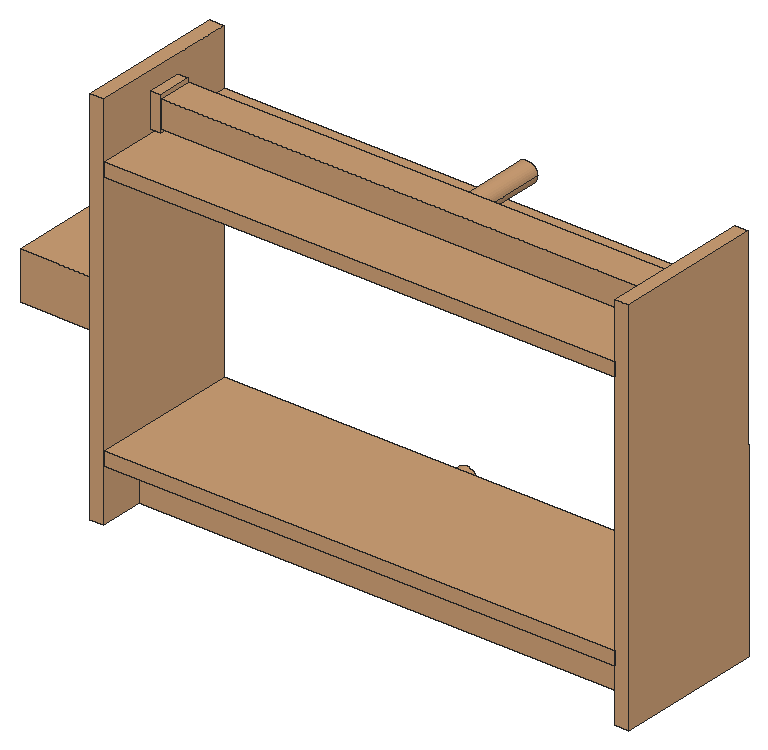
Revit family
Parameters
  Center Of Unit = 0' - 0"  # constant formula
  Water Pressure Drop [instance] = 0.00 psi
  Water Flow [instance] = 0 GPM
  Unit Weight (lbs) = 632
  URL = "http://www.ljwing.com/"
  Water Outlet Radius = 0' - 1 1/2"
  Water Outlet Odd sizes = 0' - 5 23/64"
  Total Heating Capacity [instance] = 0.0 Btu/h
  Temperature Rise [instance] = 0 °F
  Series = "VIFB"
  Outlet Area = 18.80 SF
  Number of Rows = 1  # constant formula
  Number of Coils [instance] = 0
  Nominal Length = 6' - 7 1/16"
  Model = "VB-7"
  Manufacturer = "LJ Wing"
  Leaving Water Temperature [instance] = 0 °F
  Leaving Air Temperature [instance] = 0 °F
  Face Velocity (FPM) [instance] = 0
  Entering Water Temperature [instance] = 0 °F
  Entering Air Temperature [instance] = 0 °F
  Description = "Vertical Integral Face & Bypass Water Heating Coils"
  Hot Water Odd Sizes = 0' - 5 23/64"
  Hot Water Inlet Offset = 0' - 4 3/8"  # constant formula
  Hot Water Inlet  Radius = 0' - 1 1/2"
  Coil Face Area = Outlet Area * 0.56  # 10.528 SF
  Casing Material = ""
  Assembly Code = "D3020300"
  Air Pressure Drop [instance] = 0.00 in-wg
  Air Inlet Width = Nominal Length - 0' 4"  # 6' - 3 1/16"
  Air Inlet Height = Y  # 3' - 0"
  Air Flow [instance] = 0 CFM
  Z = 0' - 2 1/8"
  Y = 3' - 0"
  S = 0' - 9 3/4"
  Product URL = "http://www.ljwing.com/html/vifb.asp"
  OmniClass = "23-75 70 21 14"
  Nominal Height = 4' - 8"
  Nominal Depth = 1' - 10"
  R = 0' - 10 1/4"
  Q = 0' - 3 17/32"
  P = 0' - 5 1/8"
  L = 0' - 5 15/16"
Reference planes (in)
  plane 1 "Center (Front/Back)": y = 0
  plane 2: z = -18
  plane 3 "Center (Left/Right)": x = 0
  plane 4: z = 28.25
  plane 5: x = -39.53125
  plane 6: x = 39.53125
  plane 7: z = -27.75
  plane 8: z = 0
  plane 9: y = -11
  plane 10: y = 11
  plane 11: z = 18
  plane 12: z = 20
  plane 13: z = -20
  plane 14: x = 37.53125
  plane 15: x = -37.53125
  plane 16: z = 23.125
  plane 17: z = -21.8125
  plane 18: x = -36
  plane 19: x = 36
  plane 20: y = 13.125
  plane 21: y = 15.375
  plane 22: x = -50.53125
  plane 23: x = 5.35938
  plane 24: x = -5.35937
  plane 25: z = 25.125
  plane 26: z = 21.125
  plane 27: y = -2.5
  plane 28: y = 2.5
  plane 29: y = -4.5
Forms (in)
  Extrusion 1, solid, material "Painted Finish"
    sketch origin (0, 6, -9.75) x (1, 0, 0) y (0, 0, 1)
      loop
        line (-39.53125, -18) -> (-37.53125, -18) -> (-37.53125, 38) -> (-39.53125, 38) -> (-39.53125, -18)
      loop
        line (39.53125, -18) -> (39.53125, 38) -> (37.53125, 38) -> (37.53125, -18) -> (39.53125, -18)
    from -5 to 17
  Extrusion 2, solid, material "Painted Finish"
    sketch origin (0, 6, 0) x (1, 0, 0) y (0, 0, 1)
      loop
        line (37.53125, -18) -> (-37.53125, -18) -> (-37.53125, -20) -> (37.53125, -20) -> (37.53125, -18)
      loop
        line (37.53125, 18) -> (37.53125, 20) -> (-37.53125, 20) -> (-37.53125, 18) -> (37.53125, 18)
    from -5 to 17
  Extrusion 3, solid, material "Painted Finish"
    sketch origin (0, 10, -0.5) x (1, 0, 0) y (0, 0, 1)
      loop
        line (-39.53125, 4) -> (-50.53125, 4) -> (-50.53125, -3) -> (-39.53125, -3) -> (-39.53125, 4)
    from 0 to 20
  Extrusion 4, solid, material "Painted Finish"
    sketch origin (0, 6, 0) x (1, 0, 0) y (0, 0, 1)
      loop
        line (-35.90625, 25.125) -> (-35.90625, 21.125) -> (35.90625, 21.125) -> (35.90625, 25.125) -> (-35.90625, 25.125)
    from 3.5 to 8.5
  Extrusion 5, solid, material "Painted Finish"
    sketch origin (0, 0, 0) x (1, 0, 0) y (0, 0, 1)
      loop
        line (-35.90625, 20.625) -> (-35.90625, 25.625) -> (-37.53125, 25.625) -> (-37.53125, 20.625) -> (-35.90625, 20.625)
      loop
        line (37.53125, 20.625) -> (37.53125, 25.625) -> (35.90625, 25.625) -> (35.90625, 20.625) -> (37.53125, 20.625)
    from -2.5 to 2.5
  Extrusion 6, solid, material "Painted Finish"
    sketch origin (0, 23, 0) x (1, 0, 0) y (0, 0, 1)
      loop
        circle (5.35938, 23.125) r 1.5
    from 9.875 to 20.5
  Extrusion 7, solid, material "Painted Finish"
    sketch origin (0, 6, 0) x (1, 0, 0) y (0, 0, 1)
      loop
        line (-37.53125, -20) -> (-37.53125, -27.75) -> (37.53125, -27.75) -> (37.53125, -20) -> (-37.53125, -20)
    from -5 to 10.5
  Extrusion 8, solid, material "Painted Finish"
    sketch origin (0, 23, 0) x (1, 0, 0) y (0, 0, 1)
      loop
        circle (-5.35937, -21.8125) r 1.5
    from 7.625 to 12
  Extrusion 9, void
    sketch origin (0, 0, 0) x (1, 0, 0) y (0, 0, 1)
      loop
        line (-37.53125, 18) -> (-37.53125, -18) -> (37.53125, -18) -> (37.53125, 18) -> (-37.53125, 18)
    from -11 to 11
Cuts and joins
  Extrusion 9 cuts Extrusion 1
  Extrusion 9 cuts Extrusion 2
Dimensions and locks (in)
  "Nominal Length": plane 6 to plane 5
  equal spacing: plane 6, plane 3 "Center (Left/Right)", plane 5
  "S": plane 2 to plane 7
  "Nominal Depth": plane 10 to plane 9
  equal spacing: plane 10, plane 1 "Center (Front/Back)", plane 9
  "Y": plane 11 to plane 2
  "R": plane 4 to plane 11
  locked: plane 12 to plane 11 at 2
  locked: plane 2 to plane 13 at 2
  "P": plane 4 to plane 16
  "L": plane 17 to plane 7
  "Q": plane 18 to plane 5
  "Q": plane 6 to plane 19
  "Z": plane 20 to plane 10
  "Hot Water Inlet Offset": plane 21 to plane 10
  locked: plane 5 to plane 22 at 11
  locked: Extrusion 3 sketch curve to Extrusion 3 sketch curve at 7
  locked: Extrusion 3 to Extrusion 3 at 20
  locked: plane 6 to plane 14 at 2
  locked: plane 15 to plane 5 at 2
  "Water Outlet Odd sizes": plane 23 to plane 3 "Center (Left/Right)"
  "Hot Water Odd Sizes": plane 3 "Center (Left/Right)" to plane 24
  equal spacing: plane 25, plane 16, plane 26
  locked: Extrusion 5 sketch curve to plane 25 at 0.5
  locked: plane 26 to Extrusion 5 sketch curve at 0.5
  locked: Extrusion 6 sketch curve to plane 16 at 0
  locked: Extrusion 6 sketch curve to plane 23 at 0
  locked: Extrusion 8 sketch curve to plane 17 at 0
  locked: Extrusion 8 sketch curve to plane 24 at 0
  locked: plane 25 to plane 26 at 4
  locked: plane 28 to plane 27 at 5
  equal spacing: plane 28, plane 1 "Center (Front/Back)", plane 27
  locked: plane 27 to plane 29 at 2
  plane 4 to plane 7 = 4' - 8"
  locked: Extrusion 5 sketch curve to Extrusion 1 at 1.625
  locked: Extrusion 5 sketch curve to Extrusion 5 sketch curve at 1.625
  locked: Extrusion 9 sketch curve to plane 11 at 0
  locked: Extrusion 9 sketch curve to plane 15 at 0
  locked: Extrusion 9 sketch curve to plane 14 at 0
  locked: Extrusion 9 sketch curve to plane 2 at 0
  equal spacing: plane 11, plane 8, plane 2
  "Water Outlet Radius": radius of Extrusion 6 sketch curve
  "Hot Water Inlet  Radius": radius of Extrusion 8 sketch curve
  aligned and locked: Extrusion 1 to plane 9
  aligned and locked: Extrusion 1 to plane 10
  aligned and locked: plane 15 to Extrusion 1
  aligned and locked: Extrusion 1 to plane 14
  aligned and locked: plane 9 to Extrusion 2
  aligned and locked: plane 9 to Extrusion 1
  aligned and locked: plane 10 to Extrusion 1  (x2)
  aligned and locked: Extrusion 2 to plane 10
  aligned and locked: plane 10 to Extrusion 2  (x2)
  aligned and locked: Extrusion 2 to plane 9  (x2)
  aligned and locked: plane 5 to Extrusion 3
  aligned and locked: Extrusion 5 sketch curve to plane 15
  aligned and locked: Extrusion 5 sketch curve to Extrusion 4
  aligned and locked: Extrusion 6 to plane 20
  aligned and locked: Extrusion 1 to Extrusion 7
  aligned and locked: plane 10 to Extrusion 8
  aligned and locked: Extrusion 8 to plane 21  (x2)
  aligned and locked: plane 27 to Extrusion 5
  aligned and locked: Extrusion 5 to Extrusion 4  (x2)
  aligned and locked: Extrusion 5 to plane 28
  aligned and locked: Extrusion 6 to Extrusion 4
  aligned and locked: Extrusion 7 to plane 29  (x2)
  aligned and locked: Extrusion 8 to Extrusion 7
  aligned and locked: Extrusion 4 to Extrusion 5  (x2)
  aligned and locked: Extrusion 5 to Extrusion 1  (x2)
  aligned and locked: plane 2 to Extrusion 2
  aligned and locked: plane 6 to Extrusion 1 sketch curve
  aligned and locked: plane 14 to Extrusion 1 sketch curve
  aligned and locked: Extrusion 1 sketch curve to plane 15
  aligned and locked: Extrusion 1 sketch curve to plane 5
  aligned and locked: plane 7 to Extrusion 1 sketch curve  (x2)
  aligned and locked: Extrusion 1 sketch curve to plane 4  (x2)
  aligned and locked: Extrusion 2 sketch curve to plane 11
  aligned and locked: Extrusion 2 sketch curve to plane 12
  aligned and locked: Extrusion 2 sketch curve to plane 14  (x2)
  aligned and locked: Extrusion 2 sketch curve to plane 15  (x2)
  aligned and locked: Extrusion 2 sketch curve to plane 13
  aligned and locked: plane 2 to Extrusion 2 sketch curve
  aligned and locked: plane 13 to Extrusion 7 sketch curve
  aligned and locked: Extrusion 7 sketch curve to plane 7
  aligned and locked: Extrusion 7 sketch curve to plane 14
  aligned and locked: plane 15 to Extrusion 7 sketch curve
  aligned and locked: cut or joined group of Extrusion 1, Extrusion 9 to plane 10
Automatic sketch dimensions
  Extrusion 3 sketch curve to plane 22 = 0' - 0"
  Extrusion 3 sketch curve to plane 5 = 0' - 0"
  plane 8 to Extrusion 3 sketch curve = 0' - 3 1/2"
  Extrusion 4 sketch curve to plane 25 = 0' - 0"
  Extrusion 4 sketch curve to plane 26 = 0' - 0"
  plane 18 to Extrusion 4 sketch curve = 0' - 0 3/32"
  Extrusion 4 sketch curve to plane 19 = 0' - 0 3/32"
  plane 26 to Extrusion 5 sketch curve = 0' - 0 1/2"
  Extrusion 5 sketch curve to plane 25 = 0' - 0 1/2"
Connectors (in)
  hvac at (0, -11, 0), driven by "Air Inlet Height", driven by "Air Inlet Width", driven by "Air Flow", driven by "Air Pressure Drop"
    settings: on Extrusion 9, index 1
  hvac at (0, 11, 0), driven by "Air Pressure Drop", driven by "Air Inlet Height", driven by "Air Inlet Width", driven by "Air Flow"
    settings: on Extrusion 9, index 2
  piping at (5.35938, 13.125, 23.125), driven by "Water Flow", driven by "Water Outlet Radius", driven by "Water Pressure Drop"
    settings: on Extrusion 6, index 3
  piping at (-5.35937, 15.375, -21.8125), driven by "Water Flow", driven by "Water Pressure Drop", driven by "Hot Water Inlet  Radius"
    settings: on Extrusion 8, index 4
